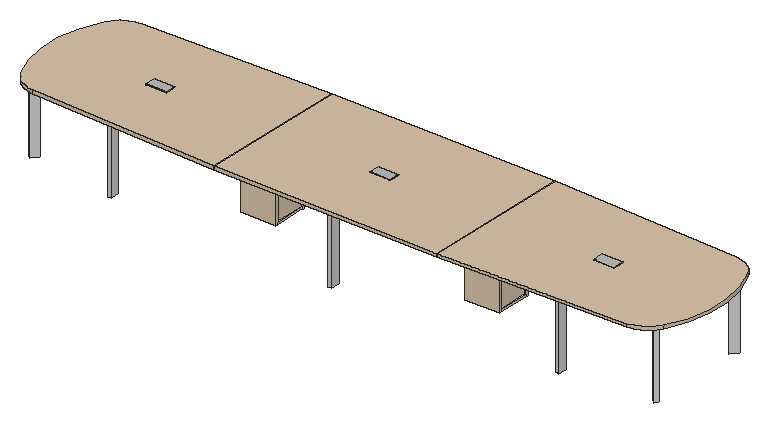
Revit family "Haworth_Planes_ConferenceTable_PebbleThreePiece", category Furniture Systems, Revit 2018 (continued)
Definition of nested family "Haworth_Planes_Worksurface_Pebble_3Piece_PART"
  Definition of nested family "Haworth_Planes_Worksurface_Pebble42_3Pieces_Part"
    Forms (in)
      Extrusion 5, solid, material <- "Table Finish", visible <- "210w"
        sketch origin (17.04495, -246.44286, 0) x (1, 0, 0) y (0, 1, 0)
          loop
            arc (17.79505, 240.60286) -> (46.88117, 241.19615) -> (75.91057, 243.10609) r 642.20942
            arc (75.91057, 243.10609) -> (82.87418, 246.13513) -> (86.62508, 252.73799) r 12
            arc (86.62508, 252.73799) -> (87.47505, 261.44286) -> (86.62508, 270.14774) r 45
            arc (86.62508, 270.14774) -> (82.87418, 276.75059) -> (75.91057, 279.77964) r 12
            arc (75.91057, 279.77964) -> (46.88117, 281.68958) -> (17.79505, 282.28286) r 642.20942
            line (17.79505, 282.28286) -> (17.79505, 240.60286)
        from 27.8125 to 29
      Extrusion 6, solid, material <- "Table Finish", visible <- "216w"
        sketch origin (17.48115, -290.47503, 0) x (1, 0, 0) y (0, 1, 0)
          loop
            line (-53.32115, 284.63503) -> (-53.32115, 326.31503)
            arc (-53.32115, 326.31503) -> (-83.38786, 325.72139) -> (-113.39994, 323.81505) r 688.34315
            arc (-113.39994, 323.81505) -> (-120.38655, 320.79513) -> (-124.15117, 314.17999) r 12
            arc (-124.15117, 314.17999) -> (-125.00115, 305.47503) -> (-124.15117, 296.77008) r 45
            arc (-124.15117, 296.77008) -> (-120.38655, 290.15493) -> (-113.39994, 287.13501) r 12
            arc (-113.39994, 287.13501) -> (-83.38786, 285.22868) -> (-53.32115, 284.63503) r 688.34315
          loop
            arc (18.35885, 284.63503) -> (48.42555, 285.22868) -> (78.43764, 287.13501) r 688.34315
            arc (78.43764, 287.13501) -> (85.42424, 290.15493) -> (89.18886, 296.77008) r 12
            arc (89.18886, 296.77008) -> (90.03885, 305.47503) -> (89.18886, 314.17999) r 45
            arc (89.18886, 314.17999) -> (85.42424, 320.79513) -> (78.43764, 323.81505) r 12
            arc (78.43764, 323.81505) -> (48.42555, 325.72139) -> (18.35885, 326.31503) r 688.34315
            line (18.35885, 326.31503) -> (18.35885, 284.63503)
        from 27.8125 to 29
      Extrusion 7, solid, material <- "Table Finish", visible <- "222w"
        sketch origin (17.48115, -334.07124, 0) x (1, 0, 0) y (0, 1, 0)
          loop
            arc (-127.15118, 357.77612) -> (-128.00115, 349.07124) -> (-127.15118, 340.36635) r 45
            arc (-127.15118, 340.36635) -> (-123.37382, 333.73979) -> (-116.36587, 330.7284) r 12
            arc (-116.36587, 330.7284) -> (-85.36986, 328.82511) -> (-54.32115, 328.23124) r 735.89145
            line (-54.32115, 328.23124) -> (-54.32115, 369.91124)
            arc (-54.32115, 369.91124) -> (-85.36986, 369.31737) -> (-116.36587, 367.41408) r 735.89145
            arc (-116.36587, 367.41408) -> (-123.37382, 364.40269) -> (-127.15118, 357.77612) r 12
          loop
            arc (92.18888, 357.77612) -> (88.41151, 364.40269) -> (81.40356, 367.41408) r 12
            arc (81.40356, 367.41408) -> (50.40756, 369.31737) -> (19.35885, 369.91124) r 735.89145
            line (19.35885, 369.91124) -> (19.35885, 328.23124)
            arc (19.35885, 328.23124) -> (50.40756, 328.82511) -> (81.40356, 330.7284) r 735.89145
            arc (81.40356, 330.7284) -> (88.41151, 333.73979) -> (92.18888, 340.36635) r 12
            arc (92.18888, 340.36635) -> (93.03885, 349.07124) -> (92.18888, 357.77612) r 45
        from 27.8125 to 29
      Extrusion 8, solid, material <- "Table Finish", visible <- "228w"
        sketch origin (17.64649, -377.45182, 0) x (1, 0, 0) y (0, 1, 0)
          loop
            line (-55.48649, 371.61182) -> (-55.48649, 413.29182)
            arc (-55.48649, 413.29182) -> (-87.51835, 412.69759) -> (-119.49929, 410.79712) r 785.16071
            arc (-119.49929, 410.79712) -> (-126.52725, 407.79378) -> (-130.31656, 401.15652) r 12
            arc (-130.31656, 401.15652) -> (-131.16649, 392.45182) -> (-130.31656, 383.74712) r 45
            arc (-130.31656, 383.74712) -> (-126.52725, 377.10985) -> (-119.49929, 374.10652) r 12
            arc (-119.49929, 374.10652) -> (-87.51835, 372.20604) -> (-55.48649, 371.61182) r 785.16071
          loop
            arc (20.19351, 371.61182) -> (52.22536, 372.20604) -> (84.20631, 374.10652) r 785.16071
            arc (84.20631, 374.10652) -> (91.23426, 377.10985) -> (95.02357, 383.74712) r 12
            arc (95.02357, 383.74712) -> (95.87351, 392.45182) -> (95.02357, 401.15652) r 45
            arc (95.02357, 401.15652) -> (91.23426, 407.79378) -> (84.20631, 410.79712) r 12
            arc (84.20631, 410.79712) -> (52.22536, 412.69759) -> (20.19351, 413.29182) r 785.16071
            line (20.19351, 413.29182) -> (20.19351, 371.61182)
        from 27.8125 to 29
      Extrusion 9, solid, material <- "Table Finish", visible <- "234w"
        sketch origin (18.19364, -421.47222, 0) x (1, 0, 0) y (0, 1, 0)
          loop
            line (-57.03364, 415.63222) -> (-57.03364, 457.31222)
            arc (-57.03364, 457.31222) -> (-90.04971, 456.71759) -> (-123.01655, 454.81967) r 836.0676
            arc (-123.01655, 454.81967) -> (-130.06325, 451.82394) -> (-133.86376, 445.17664) r 12
            arc (-133.86376, 445.17664) -> (-134.71364, 436.47222) -> (-133.86376, 427.7678) r 45
            arc (-133.86376, 427.7678) -> (-130.06325, 421.1205) -> (-123.01655, 418.12477) r 12
            arc (-123.01655, 418.12477) -> (-90.04971, 416.22685) -> (-57.03364, 415.63222) r 836.0676
          loop
            arc (20.64636, 415.63222) -> (53.66243, 416.22685) -> (86.62927, 418.12477) r 836.0676
            arc (86.62927, 418.12477) -> (93.67597, 421.1205) -> (97.47648, 427.7678) r 12
            arc (97.47648, 427.7678) -> (98.32636, 436.47222) -> (97.47648, 445.17664) r 45
            arc (97.47648, 445.17664) -> (93.67597, 451.82394) -> (86.62927, 454.81967) r 12
            arc (86.62927, 454.81967) -> (53.66243, 456.71759) -> (20.64636, 457.31222) r 836.0676
            line (20.64636, 457.31222) -> (20.64636, 415.63222)
        from 27.8125 to 29
      Extrusion 10, solid, material <- "Table Finish", visible <- "240w"
        sketch origin (17.20454, -467.44003, 0) x (1, 0, 0) y (0, 1, 0)
          loop
            arc (-135.87473, 491.1441) -> (-136.72454, 482.44003) -> (-135.87473, 473.73596) r 45
            arc (-135.87473, 473.73596) -> (-132.06379, 467.07932) -> (-124.99963, 464.09071) r 12
            arc (-124.99963, 464.09071) -> (-91.04593, 462.19476) -> (-57.04454, 461.60003) r 888.14604
            line (-57.04454, 461.60003) -> (-57.04454, 503.28003)
            arc (-57.04454, 503.28003) -> (-91.04593, 502.6853) -> (-124.99963, 500.78934) r 888.14604
            arc (-124.99963, 500.78934) -> (-132.06379, 497.80074) -> (-135.87473, 491.1441) r 12
          loop
            arc (101.46565, 491.1441) -> (97.65471, 497.80074) -> (90.59055, 500.78934) r 12
            arc (90.59055, 500.78934) -> (56.63685, 502.6853) -> (22.63546, 503.28003) r 888.14604
            line (22.63546, 503.28003) -> (22.63546, 461.60003)
            arc (22.63546, 461.60003) -> (56.63685, 462.19476) -> (90.59055, 464.09071) r 888.14604
            arc (90.59055, 464.09071) -> (97.65471, 467.07932) -> (101.46565, 473.73596) r 12
            arc (101.46565, 473.73596) -> (102.31546, 482.44003) -> (101.46565, 491.1441) r 45
        from 27.8125 to 29
      Extrusion 11, solid, material <- "Table Finish", visible <- "246w"
        sketch origin (17.20454, -512.92819, 0) x (1, 0, 0) y (0, 1, 0)
          loop
            line (-58.04454, 507.08819) -> (-58.04454, 548.76819)
            arc (-58.04454, 548.76819) -> (-93.03198, 548.17295) -> (-127.97321, 546.27916) r 942.35922
            arc (-127.97321, 546.27916) -> (-135.05395, 543.29736) -> (-138.87481, 536.63184) r 12
            arc (-138.87481, 536.63184) -> (-139.72454, 527.92819) -> (-138.87481, 519.22454) r 45
            arc (-138.87481, 519.22454) -> (-135.05395, 512.55902) -> (-127.97321, 509.57722) r 12
            arc (-127.97321, 509.57722) -> (-93.03198, 507.68343) -> (-58.04454, 507.08819) r 942.35922
          loop
            arc (23.63546, 507.08819) -> (58.6229, 507.68343) -> (93.56412, 509.57722) r 942.35922
            arc (93.56412, 509.57722) -> (100.64487, 512.55902) -> (104.46573, 519.22454) r 12
            arc (104.46573, 519.22454) -> (105.31546, 527.92819) -> (104.46573, 536.63184) r 45
            arc (104.46573, 536.63184) -> (100.64487, 543.29736) -> (93.56412, 546.27916) r 12
            arc (93.56412, 546.27916) -> (58.6229, 548.17295) -> (23.63546, 548.76819) r 942.35922
            line (23.63546, 548.76819) -> (23.63546, 507.08819)
        from 27.8125 to 29
      Extrusion 12, solid, material <- "Table Finish", visible <- "252w"
        sketch origin (17.90468, -559.1122, 0) x (1, 0, 0) y (0, 1, 0)
          loop
            line (-59.74468, 553.2722) -> (-59.74468, 594.9522)
            arc (-59.74468, 594.9522) -> (-95.71905, 594.35661) -> (-131.64856, 592.46461) r 997.94026
            arc (-131.64856, 592.46461) -> (-138.74487, 589.48924) -> (-142.57504, 582.81539) r 12
            arc (-142.57504, 582.81539) -> (-143.42468, 574.1122) -> (-142.57504, 565.40901) r 45
            arc (-142.57504, 565.40901) -> (-138.74487, 558.73516) -> (-131.64856, 555.75979) r 12
            arc (-131.64856, 555.75979) -> (-95.71905, 553.86779) -> (-59.74468, 553.2722) r 997.94026
          loop
            arc (23.93532, 553.2722) -> (59.90969, 553.86779) -> (95.8392, 555.75979) r 997.94026
            arc (95.8392, 555.75979) -> (102.93551, 558.73516) -> (106.76568, 565.40901) r 12
            arc (106.76568, 565.40901) -> (107.61532, 574.1122) -> (106.76568, 582.81539) r 45
            arc (106.76568, 582.81539) -> (102.93551, 589.48924) -> (95.8392, 592.46461) r 12
            arc (95.8392, 592.46461) -> (59.90969, 594.35661) -> (23.93532, 594.9522) r 997.94026
            line (23.93532, 594.9522) -> (23.93532, 553.2722)
        from 27.8125 to 29
      Extrusion 13, solid, material <- "Table Finish", visible <- "258w"
        sketch origin (17.20091, -603.31711, 0) x (1, 0, 0) y (0, 1, 0)
          loop
            arc (-144.87137, 627.01979) -> (-145.72091, 618.31711) -> (-144.87137, 609.61443) r 45
            arc (-144.87137, 609.61443) -> (-141.03237, 602.93268) -> (-133.9213, 599.96342) r 12
            arc (-133.9213, 599.96342) -> (-97.00288, 598.0732) -> (-60.04091, 597.47711) r 1055.35838
            line (-60.04091, 597.47711) -> (-60.04091, 639.15711)
            arc (-60.04091, 639.15711) -> (-97.00288, 638.56101) -> (-133.9213, 636.67079) r 1055.35838
            arc (-133.9213, 636.67079) -> (-141.03237, 633.70154) -> (-144.87137, 627.01979) r 12
          loop
            arc (110.46956, 627.01979) -> (106.63056, 633.70154) -> (99.51949, 636.67079) r 12
            arc (99.51949, 636.67079) -> (62.60107, 638.56101) -> (25.63909, 639.15711) r 1055.35838
            line (25.63909, 639.15711) -> (25.63909, 597.47711)
            arc (25.63909, 597.47711) -> (62.60107, 598.0732) -> (99.51949, 599.96342) r 1055.35838
            arc (99.51949, 599.96342) -> (106.63056, 602.93268) -> (110.46956, 609.61443) r 12
            arc (110.46956, 609.61443) -> (111.31909, 618.31711) -> (110.46956, 627.01979) r 45
        from 27.8125 to 29
      Extrusion 14, solid, material <- "Table Finish", visible <- "264w"
        sketch origin (17.90114, -649.50644, 0) x (1, 0, 0) y (0, 1, 0)
          loop
            line (-61.74114, 643.66644) -> (-61.74114, 685.34644)
            arc (-61.74114, 685.34644) -> (-99.69146, 684.75) -> (-137.59944, 682.86123) r 1114.12477
            arc (-137.59944, 682.86123) -> (-144.72439, 679.89777) -> (-148.57171, 673.20858) r 12
            arc (-148.57171, 673.20858) -> (-149.42114, 664.50644) -> (-148.57171, 655.80429) r 45
            arc (-148.57171, 655.80429) -> (-144.72439, 649.1151) -> (-137.59944, 646.15164) r 12
            arc (-137.59944, 646.15164) -> (-99.69146, 644.26288) -> (-61.74114, 643.66644) r 1114.12477
          loop
            arc (25.93886, 643.66644) -> (63.88918, 644.26288) -> (101.79717, 646.15164) r 1114.12477
            arc (101.79717, 646.15164) -> (108.92212, 649.1151) -> (112.76943, 655.80429) r 12
            arc (112.76943, 655.80429) -> (113.61886, 664.50644) -> (112.76943, 673.20858) r 45
            arc (112.76943, 673.20858) -> (108.92212, 679.89777) -> (101.79717, 682.86123) r 12
            arc (101.79717, 682.86123) -> (63.88918, 684.75) -> (25.93886, 685.34644) r 1114.12477
            line (25.93886, 685.34644) -> (25.93886, 643.66644)
        from 27.8125 to 29
      Extrusion 15, solid, material <- "Table Finish", visible <- "270w"
        sketch origin (17.19219, -698.6424, 0) x (1, 0, 0) y (0, 1, 0)
          loop
            arc (-150.86287, 722.34398) -> (-151.71219, 713.6424) -> (-150.86287, 704.94082) r 45
            arc (-150.86287, 704.94082) -> (-147.00765, 698.24455) -> (-139.86948, 695.28662) r 12
            arc (-139.86948, 695.28662) -> (-100.97143, 693.39936) -> (-62.03219, 692.8024) r 1174.79849
            line (-62.03219, 692.8024) -> (-62.03219, 734.4824)
            arc (-62.03219, 734.4824) -> (-100.97143, 733.88544) -> (-139.86948, 731.99818) r 1174.79849
            arc (-139.86948, 731.99818) -> (-147.00765, 729.04025) -> (-150.86287, 722.34398) r 12
          loop
            arc (116.47848, 722.34398) -> (112.62326, 729.04025) -> (105.48509, 731.99818) r 12
            arc (105.48509, 731.99818) -> (66.58704, 733.88544) -> (27.64781, 734.4824) r 1174.79849
            line (27.64781, 734.4824) -> (27.64781, 692.8024)
            arc (27.64781, 692.8024) -> (66.58704, 693.39936) -> (105.48509, 695.28662) r 1174.79849
            arc (105.48509, 695.28662) -> (112.62326, 698.24455) -> (116.47848, 704.94082) r 12
            arc (116.47848, 704.94082) -> (117.32781, 713.6424) -> (116.47848, 722.34398) r 45
        from 27.8125 to 29
      Extrusion 16, solid, material <- "Table Finish", visible <- "186w"
        sketch origin (15.39359, -64.27046, 0) x (1, 0, 0) y (0, 1, 0)
          loop
            line (-46.23359, 100.11046) -> (-46.23359, 58.43046) -> (15.44641, 58.43046) -> (15.44641, 100.11046) -> (-46.23359, 100.11046)
        from 27.8125 to 29
      Extrusion 17, solid, material <- "Table Finish", visible <- "192w"
        sketch origin (15.73634, -111.73058, 0) x (1, 0, 0) y (0, 1, 0)
          loop
            line (-47.57634, 147.57058) -> (-47.57634, 105.89058) -> (16.10366, 105.89058) -> (16.10366, 147.57058) -> (-47.57634, 147.57058)
        from 27.8125 to 29
      Extrusion 18, solid, material <- "Table Finish", visible <- "198w"
        sketch origin (16.60875, -157.5066, 0) x (1, 0, 0) y (0, 1, 0)
          loop
            line (-49.44875, 193.3466) -> (-49.44875, 151.6666) -> (16.23125, 151.6666) -> (16.23125, 193.3466) -> (-49.44875, 193.3466)
        from 27.8125 to 29
      Extrusion 19, solid, material <- "Table Finish", visible <- "204w"
        sketch origin (16.60875, -201.97473, 0) x (1, 0, 0) y (0, 1, 0)
          loop
            line (-50.44875, 237.81473) -> (-50.44875, 196.13473) -> (17.23125, 196.13473) -> (17.23125, 237.81473) -> (-50.44875, 237.81473)
        from 27.8125 to 29
      Extrusion 20, solid, material <- "Table Finish", visible <- "210w"
        sketch origin (17.04495, -246.44286, 0) x (1, 0, 0) y (0, 1, 0)
          loop
            line (-51.88495, 282.28286) -> (-51.88495, 240.60286) -> (17.79505, 240.60286) -> (17.79505, 282.28286) -> (-51.88495, 282.28286)
        from 27.8125 to 29
      Extrusion 21, solid, material <- "Table Finish", visible <- "216w"
        sketch origin (17.48115, -290.47503, 0) x (1, 0, 0) y (0, 1, 0)
          loop
            line (-53.32115, 326.31503) -> (-53.32115, 284.63503) -> (18.35885, 284.63503) -> (18.35885, 326.31503) -> (-53.32115, 326.31503)
        from 27.8125 to 29
      Extrusion 22, solid, material <- "Table Finish", visible <- "222w"
        sketch origin (17.48115, -334.07124, 0) x (1, 0, 0) y (0, 1, 0)
          loop
            line (-54.32115, 328.23124) -> (19.35885, 328.23124) -> (19.35885, 369.91124) -> (-54.32115, 369.91124) -> (-54.32115, 328.23124)
        from 27.8125 to 29
      Extrusion 23, solid, material <- "Table Finish", visible <- "228w"
        sketch origin (17.64649, -377.45182, 0) x (1, 0, 0) y (0, 1, 0)
          loop
            line (-55.48649, 371.61182) -> (20.19351, 371.61182) -> (20.19351, 413.29182) -> (-55.48649, 413.29182) -> (-55.48649, 371.61182)
        from 27.8125 to 29
      Extrusion 24, solid, material <- "Table Finish", visible <- "234w"
        sketch origin (18.19364, -421.47222, 0) x (1, 0, 0) y (0, 1, 0)
          loop
            line (-57.03364, 415.63222) -> (20.64636, 415.63222) -> (20.64636, 457.31222) -> (-57.03364, 457.31222) -> (-57.03364, 415.63222)
        from 27.8125 to 29
      Extrusion 25, solid, material <- "Table Finish", visible <- "246w"
        sketch origin (17.20454, -512.92819, 0) x (1, 0, 0) y (0, 1, 0)
          loop
            line (-58.04454, 507.08819) -> (23.63546, 507.08819) -> (23.63546, 548.76819) -> (-58.04454, 548.76819) -> (-58.04454, 507.08819)
        from 27.8125 to 29
      Extrusion 26, solid, material <- "Table Finish", visible <- "240w"
        sketch origin (17.20454, -467.44003, 0) x (1, 0, 0) y (0, 1, 0)
          loop
            line (-57.04454, 461.60003) -> (22.63546, 461.60003) -> (22.63546, 503.28003) -> (-57.04454, 503.28003) -> (-57.04454, 461.60003)
        from 28.625 to 29
      Extrusion 27, solid, material <- "Table Finish", visible <- "252w"
        sketch origin (17.90468, -559.1122, 0) x (1, 0, 0) y (0, 1, 0)
          loop
            line (-59.74468, 553.2722) -> (23.93532, 553.2722) -> (23.93532, 594.9522) -> (-59.74468, 594.9522) -> (-59.74468, 553.2722)
        from 27.8125 to 29
      Extrusion 28, solid, material <- "Table Finish", visible <- "258w"
        sketch origin (17.20091, -603.31711, 0) x (1, 0, 0) y (0, 1, 0)
          loop
            line (-60.04091, 597.47711) -> (25.63909, 597.47711) -> (25.63909, 639.15711) -> (-60.04091, 639.15711) -> (-60.04091, 597.47711)
        from 27.8125 to 29
      Extrusion 29, solid, material <- "Table Finish", visible <- "264w"
        sketch origin (17.90114, -649.50644, 0) x (1, 0, 0) y (0, 1, 0)
          loop
            line (-61.74114, 643.66644) -> (25.93886, 643.66644) -> (25.93886, 685.34644) -> (-61.74114, 685.34644) -> (-61.74114, 643.66644)
        from 27.8125 to 29
      Extrusion 30, solid, material <- "Table Finish", visible <- "270w"
        sketch origin (17.19219, -698.6424, 0) x (1, 0, 0) y (0, 1, 0)
          loop
            line (-62.03219, 692.8024) -> (27.64781, 692.8024) -> (27.64781, 734.4824) -> (-62.03219, 734.4824) -> (-62.03219, 692.8024)
        from 27.8125 to 29
    Lines and regions (in)
      Masking region 1, visible <- "186w"
        outline origin (0, 0, 0) x (1, 0, 0) y (0, 1, 0)
          loop
            arc (-30.84, 35.84) -> (-56.02055, 35.24743) -> (-81.13405, 33.31777) r 473.87927
            arc (-81.13405, 33.31777) -> (-87.98608, 30.24554) -> (-91.67053, 23.70231) r 12
            arc (-91.67053, 23.70231) -> (-92.52, 15) -> (-91.67053, 6.29769) r 45
            arc (-91.67053, 6.29769) -> (-87.98608, -0.24554) -> (-81.13405, -3.31777) r 12
            arc (-81.13405, -3.31777) -> (-56.02055, -5.24743) -> (-30.84, -5.84) r 473.87927
            line (-30.84, -5.84) -> (30.84, -5.84)
            arc (30.84, -5.84) -> (56.02055, -5.24743) -> (81.13405, -3.31777) r 473.87927
            arc (81.13405, -3.31777) -> (87.98608, -0.24554) -> (91.67053, 6.29769) r 12
            arc (91.67053, 6.29769) -> (92.52, 15) -> (91.67053, 23.70231) r 45
            arc (91.67053, 23.70231) -> (87.98608, 30.24554) -> (81.13405, 33.31777) r 12
            arc (81.13405, 33.31777) -> (56.02055, 35.24743) -> (30.84, 35.84) r 473.87927
            line (30.84, 35.84) -> (-30.84, 35.84)
      Masking region 2, visible <- "192w"
        outline origin (0, -111.73058, 0) x (1, 0, 0) y (0, 1, 0)
          loop
            arc (-84.08373, 108.40692) -> (-57.99392, 106.48333) -> (-31.84, 105.89058) r 513.65076
            line (-31.84, 105.89058) -> (31.84, 105.89058)
            arc (31.84, 105.89058) -> (57.99392, 106.48333) -> (84.08373, 108.40692) r 513.65076
            arc (84.08373, 108.40692) -> (90.96718, 111.46717) -> (94.67032, 118.02718) r 12
            arc (94.67032, 118.02718) -> (95.52, 126.73058) -> (94.67032, 135.43399) r 45
            arc (94.67032, 135.43399) -> (90.96718, 141.99399) -> (84.08373, 145.05424) r 12
            arc (84.08373, 145.05424) -> (57.99392, 146.97783) -> (31.84, 147.57058) r 513.65076
            line (31.84, 147.57058) -> (-31.84, 147.57058)
            arc (-31.84, 147.57058) -> (-57.99392, 146.97783) -> (-84.08373, 145.05424) r 513.65076
            arc (-84.08373, 145.05424) -> (-90.96718, 141.99399) -> (-94.67032, 135.43399) r 12
            arc (-94.67032, 135.43399) -> (-95.52, 126.73058) -> (-94.67032, 118.02718) r 45
            arc (-94.67032, 118.02718) -> (-90.96718, 111.46717) -> (-84.08373, 108.40692) r 12
      Masking region 3, visible <- "198w"
        outline origin (0, -157.5066, 0) x (1, 0, 0) y (0, 1, 0)
          loop
            arc (-97.67017, 163.80245) -> (-93.94987, 157.22704) -> (-87.03761, 154.17791) r 12
            arc (-87.03761, 154.17791) -> (-59.96952, 152.25944) -> (-32.84, 151.6666) r 554.88541
            line (-32.84, 151.6666) -> (32.84, 151.6666)
            arc (32.84, 151.6666) -> (59.96952, 152.25944) -> (87.03761, 154.17791) r 554.88541
            arc (87.03761, 154.17791) -> (93.94987, 157.22704) -> (97.67017, 163.80245) r 12
            arc (97.67017, 163.80245) -> (98.52, 172.5066) -> (97.67017, 181.21075) r 45
            arc (97.67017, 181.21075) -> (93.94987, 187.78616) -> (87.03761, 190.83529) r 12
            arc (87.03761, 190.83529) -> (59.96952, 192.75376) -> (32.84, 193.3466) r 554.88541
            line (32.84, 193.3466) -> (-32.84, 193.3466)
            arc (-32.84, 193.3466) -> (-59.96952, 192.75376) -> (-87.03761, 190.83529) r 554.88541
            arc (-87.03761, 190.83529) -> (-93.94987, 187.78616) -> (-97.67017, 181.21075) r 12
            arc (-97.67017, 181.21075) -> (-98.52, 172.5066) -> (-97.67017, 163.80245) r 45
      Masking region 4, visible <- "204w"
        outline origin (0, -201.97473, 0) x (1, 0, 0) y (0, 1, 0)
          loop
            arc (-100.67008, 225.67936) -> (-101.52, 216.97473) -> (-100.67008, 208.27011) r 45
            arc (-100.67008, 208.27011) -> (-96.93385, 201.68041) -> (-89.99485, 198.64169) r 12
            arc (-89.99485, 198.64169) -> (-61.9469, 196.72793) -> (-33.84, 196.13473) r 597.89526
            line (-33.84, 196.13473) -> (33.84, 196.13473)
            arc (33.84, 196.13473) -> (61.9469, 196.72793) -> (89.99485, 198.64169) r 597.89526
            arc (89.99485, 198.64169) -> (96.93385, 201.68041) -> (100.67008, 208.27011) r 12
            arc (100.67008, 208.27011) -> (101.52, 216.97473) -> (100.67008, 225.67936) r 45
            arc (100.67008, 225.67936) -> (96.93385, 232.26905) -> (89.99485, 235.30777) r 12
            arc (89.99485, 235.30777) -> (61.9469, 237.22154) -> (33.84, 237.81473) r 597.89526
            line (33.84, 237.81473) -> (-33.84, 237.81473)
            arc (-33.84, 237.81473) -> (-61.9469, 237.22154) -> (-89.99485, 235.30777) r 597.89526
            arc (-89.99485, 235.30777) -> (-96.93385, 232.26905) -> (-100.67008, 225.67936) r 12
      Masking region 5, visible <- "210w"
        outline origin (0, -246.44286, 0) x (1, 0, 0) y (0, 1, 0)
          loop
            arc (-103.67003, 270.14774) -> (-104.52, 261.44286) -> (-103.67003, 252.73799) r 45
            arc (-103.67003, 252.73799) -> (-99.91913, 246.13513) -> (-92.95552, 243.10609) r 12
            arc (-92.95552, 243.10609) -> (-63.92612, 241.19615) -> (-34.84, 240.60286) r 642.20942
            line (-34.84, 240.60286) -> (34.84, 240.60286)
            arc (34.84, 240.60286) -> (63.92612, 241.19615) -> (92.95552, 243.10609) r 642.20942
            arc (92.95552, 243.10609) -> (99.91913, 246.13513) -> (103.67003, 252.73799) r 12
            arc (103.67003, 252.73799) -> (104.52, 261.44286) -> (103.67003, 270.14774) r 45
            arc (103.67003, 270.14774) -> (99.91913, 276.75059) -> (92.95552, 279.77964) r 12
            arc (92.95552, 279.77964) -> (63.92612, 281.68958) -> (34.84, 282.28286) r 642.20942
            line (34.84, 282.28286) -> (-34.84, 282.28286)
            arc (-34.84, 282.28286) -> (-63.92612, 281.68958) -> (-92.95552, 279.77964) r 642.20942
            arc (-92.95552, 279.77964) -> (-99.91913, 276.75059) -> (-103.67003, 270.14774) r 12
      Masking region 6, visible <- "216w"
        outline origin (0, -290.47503, 0) x (1, 0, 0) y (0, 1, 0)
          loop
            arc (-106.67001, 296.77008) -> (-102.90539, 290.15493) -> (-95.91879, 287.13501) r 12
            arc (-95.91879, 287.13501) -> (-65.90671, 285.22868) -> (-35.84, 284.63503) r 688.34315
            line (-35.84, 284.63503) -> (35.84, 284.63503)
            arc (35.84, 284.63503) -> (65.90671, 285.22868) -> (95.91879, 287.13501) r 688.34315
            arc (95.91879, 287.13501) -> (102.90539, 290.15493) -> (106.67001, 296.77008) r 12
            arc (106.67001, 296.77008) -> (107.52, 305.47503) -> (106.67001, 314.17999) r 45
            arc (106.67001, 314.17999) -> (102.90539, 320.79513) -> (95.91879, 323.81505) r 12
            arc (95.91879, 323.81505) -> (65.90671, 325.72139) -> (35.84, 326.31503) r 688.34315
            line (35.84, 326.31503) -> (-35.84, 326.31503)
            arc (-35.84, 326.31503) -> (-65.90671, 325.72139) -> (-95.91879, 323.81505) r 688.34315
            arc (-95.91879, 323.81505) -> (-102.90539, 320.79513) -> (-106.67001, 314.17999) r 12
            arc (-106.67001, 314.17999) -> (-107.52, 305.47503) -> (-106.67001, 296.77008) r 45
      Masking region 7, visible <- "222w"
        outline origin (0, -334.07124, 0) x (1, 0, 0) y (0, 1, 0)
          loop
            arc (-109.67003, 357.77612) -> (-110.52, 349.07124) -> (-109.67003, 340.36635) r 45
            arc (-109.67003, 340.36635) -> (-105.89266, 333.73979) -> (-98.88471, 330.7284) r 12
            arc (-98.88471, 330.7284) -> (-67.88871, 328.82511) -> (-36.84, 328.23124) r 735.89145
            line (-36.84, 328.23124) -> (36.84, 328.23124)
            arc (36.84, 328.23124) -> (67.88871, 328.82511) -> (98.88471, 330.7284) r 735.89145
            arc (98.88471, 330.7284) -> (105.89266, 333.73979) -> (109.67003, 340.36635) r 12
            arc (109.67003, 340.36635) -> (110.52, 349.07124) -> (109.67003, 357.77612) r 45
            arc (109.67003, 357.77612) -> (105.89266, 364.40269) -> (98.88471, 367.41408) r 12
            arc (98.88471, 367.41408) -> (67.88871, 369.31737) -> (36.84, 369.91124) r 735.89145
            line (36.84, 369.91124) -> (-36.84, 369.91124)
            arc (-36.84, 369.91124) -> (-67.88871, 369.31737) -> (-98.88471, 367.41408) r 735.89145
            arc (-98.88471, 367.41408) -> (-105.89266, 364.40269) -> (-109.67003, 357.77612) r 12
      Masking region 8, visible <- "228w"
        outline origin (0, -377.45182, 0) x (1, 0, 0) y (0, 1, 0)
          loop
            arc (-112.67006, 401.15652) -> (-113.52, 392.45182) -> (-112.67006, 383.74712) r 45
            arc (-112.67006, 383.74712) -> (-108.88076, 377.10985) -> (-101.8528, 374.10652) r 12
            arc (-101.8528, 374.10652) -> (-69.87185, 372.20604) -> (-37.84, 371.61182) r 785.16071
            line (-37.84, 371.61182) -> (37.84, 371.61182)
            arc (37.84, 371.61182) -> (69.87185, 372.20604) -> (101.8528, 374.10652) r 785.16071
            arc (101.8528, 374.10652) -> (108.88076, 377.10985) -> (112.67006, 383.74712) r 12
            arc (112.67006, 383.74712) -> (113.52, 392.45182) -> (112.67006, 401.15652) r 45
            arc (112.67006, 401.15652) -> (108.88076, 407.79378) -> (101.8528, 410.79712) r 12
            arc (101.8528, 410.79712) -> (69.87185, 412.69759) -> (37.84, 413.29182) r 785.16071
            line (37.84, 413.29182) -> (-37.84, 413.29182)
            arc (-37.84, 413.29182) -> (-69.87185, 412.69759) -> (-101.8528, 410.79712) r 785.16071
            arc (-101.8528, 410.79712) -> (-108.88076, 407.79378) -> (-112.67006, 401.15652) r 12
      Masking region 9, visible <- "234w"
        outline origin (0, -421.47222, 0) x (1, 0, 0) y (0, 1, 0)
          loop
            arc (-115.67012, 445.17664) -> (-116.52, 436.47222) -> (-115.67012, 427.7678) r 45
            arc (-115.67012, 427.7678) -> (-111.86961, 421.1205) -> (-104.82291, 418.12477) r 12
            arc (-104.82291, 418.12477) -> (-71.85607, 416.22685) -> (-38.84, 415.63222) r 836.0676
            line (-38.84, 415.63222) -> (38.84, 415.63222)
            arc (38.84, 415.63222) -> (71.85607, 416.22685) -> (104.82291, 418.12477) r 836.0676
            arc (104.82291, 418.12477) -> (111.86961, 421.1205) -> (115.67012, 427.7678) r 12
            arc (115.67012, 427.7678) -> (116.52, 436.47222) -> (115.67012, 445.17664) r 45
            arc (115.67012, 445.17664) -> (111.86961, 451.82394) -> (104.82291, 454.81967) r 12
            arc (104.82291, 454.81967) -> (71.85607, 456.71759) -> (38.84, 457.31222) r 836.0676
            line (38.84, 457.31222) -> (-38.84, 457.31222)
            arc (-38.84, 457.31222) -> (-71.85607, 456.71759) -> (-104.82291, 454.81967) r 836.0676
            arc (-104.82291, 454.81967) -> (-111.86961, 451.82394) -> (-115.67012, 445.17664) r 12
      Masking region 10, visible <- "240w"
        outline origin (0, -467.44003, 0) x (1, 0, 0) y (0, 1, 0)
          loop
            arc (-118.67019, 491.1441) -> (-119.52, 482.44003) -> (-118.67019, 473.73596) r 45
            arc (-118.67019, 473.73596) -> (-114.85925, 467.07932) -> (-107.79509, 464.09071) r 12
            arc (-107.79509, 464.09071) -> (-73.84139, 462.19476) -> (-39.84, 461.60003) r 888.14604
            line (-39.84, 461.60003) -> (39.84, 461.60003)
            arc (39.84, 461.60003) -> (73.84139, 462.19476) -> (107.79509, 464.09071) r 888.14604
            arc (107.79509, 464.09071) -> (114.85925, 467.07932) -> (118.67019, 473.73596) r 12
            arc (118.67019, 473.73596) -> (119.52, 482.44003) -> (118.67019, 491.1441) r 45
            arc (118.67019, 491.1441) -> (114.85925, 497.80074) -> (107.79509, 500.78934) r 12
            arc (107.79509, 500.78934) -> (73.84139, 502.6853) -> (39.84, 503.28003) r 888.14604
            line (39.84, 503.28003) -> (-39.84, 503.28003)
            arc (-39.84, 503.28003) -> (-73.84139, 502.6853) -> (-107.79509, 500.78934) r 888.14604
            arc (-107.79509, 500.78934) -> (-114.85925, 497.80074) -> (-118.67019, 491.1441) r 12
      Masking region 11, visible <- "246w"
        outline origin (0, -512.92819, 0) x (1, 0, 0) y (0, 1, 0)
          loop
            arc (-121.67027, 536.63184) -> (-122.52, 527.92819) -> (-121.67027, 519.22454) r 45
            arc (-121.67027, 519.22454) -> (-117.84941, 512.55902) -> (-110.76866, 509.57722) r 12
            arc (-110.76866, 509.57722) -> (-75.82744, 507.68343) -> (-40.84, 507.08819) r 942.35922
            line (-40.84, 507.08819) -> (40.84, 507.08819)
            arc (40.84, 507.08819) -> (75.82744, 507.68343) -> (110.76866, 509.57722) r 942.35922
            arc (110.76866, 509.57722) -> (117.84941, 512.55902) -> (121.67027, 519.22454) r 12
            arc (121.67027, 519.22454) -> (122.52, 527.92819) -> (121.67027, 536.63184) r 45
            arc (121.67027, 536.63184) -> (117.84941, 543.29736) -> (110.76866, 546.27916) r 12
            arc (110.76866, 546.27916) -> (75.82744, 548.17295) -> (40.84, 548.76819) r 942.35922
            line (40.84, 548.76819) -> (-40.84, 548.76819)
            arc (-40.84, 548.76819) -> (-75.82744, 548.17295) -> (-110.76866, 546.27916) r 942.35922
            arc (-110.76866, 546.27916) -> (-117.84941, 543.29736) -> (-121.67027, 536.63184) r 12
      Masking region 12, visible <- "252w"
        outline origin (0, -559.1122, 0) x (1, 0, 0) y (0, 1, 0)
          loop
            arc (-124.67036, 582.81539) -> (-125.52, 574.1122) -> (-124.67036, 565.40901) r 45
            arc (-124.67036, 565.40901) -> (-120.84019, 558.73516) -> (-113.74388, 555.75979) r 12
            arc (-113.74388, 555.75979) -> (-77.81437, 553.86779) -> (-41.84, 553.2722) r 997.94026
            line (-41.84, 553.2722) -> (41.84, 553.2722)
            arc (41.84, 553.2722) -> (77.81437, 553.86779) -> (113.74388, 555.75979) r 997.94026
            arc (113.74388, 555.75979) -> (120.84019, 558.73516) -> (124.67036, 565.40901) r 12
            arc (124.67036, 565.40901) -> (125.52, 574.1122) -> (124.67036, 582.81539) r 45
            arc (124.67036, 582.81539) -> (120.84019, 589.48924) -> (113.74388, 592.46461) r 12
            arc (113.74388, 592.46461) -> (77.81437, 594.35661) -> (41.84, 594.9522) r 997.94026
            line (41.84, 594.9522) -> (-41.84, 594.9522)
            arc (-41.84, 594.9522) -> (-77.81437, 594.35661) -> (-113.74388, 592.46461) r 997.94026
            arc (-113.74388, 592.46461) -> (-120.84019, 589.48924) -> (-124.67036, 582.81539) r 12
      Masking region 13, visible <- "258w"
        outline origin (0, -603.31711, 0) x (1, 0, 0) y (0, 1, 0)
          loop
            arc (-127.67046, 627.01979) -> (-128.52, 618.31711) -> (-127.67046, 609.61443) r 45
            arc (-127.67046, 609.61443) -> (-123.83146, 602.93268) -> (-116.7204, 599.96342) r 12
            arc (-116.7204, 599.96342) -> (-79.80198, 598.0732) -> (-42.84, 597.47711) r 1055.35838
            line (-42.84, 597.47711) -> (42.84, 597.47711)
            arc (42.84, 597.47711) -> (79.80198, 598.0732) -> (116.7204, 599.96342) r 1055.35838
            arc (116.7204, 599.96342) -> (123.83146, 602.93268) -> (127.67046, 609.61443) r 12
            arc (127.67046, 609.61443) -> (128.52, 618.31711) -> (127.67046, 627.01979) r 45
            arc (127.67046, 627.01979) -> (123.83146, 633.70154) -> (116.7204, 636.67079) r 12
            arc (116.7204, 636.67079) -> (79.80198, 638.56101) -> (42.84, 639.15711) r 1055.35838
            line (42.84, 639.15711) -> (-42.84, 639.15711)
            arc (-42.84, 639.15711) -> (-79.80198, 638.56101) -> (-116.7204, 636.67079) r 1055.35838
            arc (-116.7204, 636.67079) -> (-123.83146, 633.70154) -> (-127.67046, 627.01979) r 12
      Masking region 14, visible <- "264w"
        outline origin (0, -649.50644, 0) x (1, 0, 0) y (0, 1, 0)
          loop
            arc (-130.67057, 673.20858) -> (-131.52, 664.50644) -> (-130.67057, 655.80429) r 45
            arc (-130.67057, 655.80429) -> (-126.82326, 649.1151) -> (-119.6983, 646.15164) r 12
            arc (-119.6983, 646.15164) -> (-81.79032, 644.26288) -> (-43.84, 643.66644) r 1114.12477
            line (-43.84, 643.66644) -> (43.84, 643.66644)
            arc (43.84, 643.66644) -> (81.79032, 644.26288) -> (119.6983, 646.15164) r 1114.12477
            arc (119.6983, 646.15164) -> (126.82326, 649.1151) -> (130.67057, 655.80429) r 12
            arc (130.67057, 655.80429) -> (131.52, 664.50644) -> (130.67057, 673.20858) r 45
            arc (130.67057, 673.20858) -> (126.82326, 679.89777) -> (119.6983, 682.86123) r 12
            arc (119.6983, 682.86123) -> (81.79032, 684.75) -> (43.84, 685.34644) r 1114.12477
            line (43.84, 685.34644) -> (-43.84, 685.34644)
            arc (-43.84, 685.34644) -> (-81.79032, 684.75) -> (-119.6983, 682.86123) r 1114.12477
            arc (-119.6983, 682.86123) -> (-126.82326, 679.89777) -> (-130.67057, 673.20858) r 12
      Masking region 15, visible <- "270w"
        outline origin (0, -698.6424, 0) x (1, 0, 0) y (0, 1, 0)
          loop
            arc (-44.84, 734.4824) -> (-83.77923, 733.88544) -> (-122.67728, 731.99818) r 1174.79849
            arc (-122.67728, 731.99818) -> (-129.81545, 729.04025) -> (-133.67068, 722.34398) r 12
            arc (-133.67068, 722.34398) -> (-134.52, 713.6424) -> (-133.67068, 704.94082) r 45
            arc (-133.67068, 704.94082) -> (-129.81545, 698.24455) -> (-122.67728, 695.28662) r 12
            arc (-122.67728, 695.28662) -> (-83.77923, 693.39936) -> (-44.84, 692.8024) r 1174.79849
            line (-44.84, 692.8024) -> (44.84, 692.8024)
            arc (44.84, 692.8024) -> (83.77923, 693.39936) -> (122.67728, 695.28662) r 1174.79849
            arc (122.67728, 695.28662) -> (129.81545, 698.24455) -> (133.67068, 704.94082) r 12
            arc (133.67068, 704.94082) -> (134.52, 713.6424) -> (133.67068, 722.34398) r 45
            arc (133.67068, 722.34398) -> (129.81545, 729.04025) -> (122.67728, 731.99818) r 12
            arc (122.67728, 731.99818) -> (83.77923, 733.88544) -> (44.84, 734.4824) r 1174.79849
            line (44.84, 734.4824) -> (-44.84, 734.4824)
      symbolic lines, visible <- "186w", detail levels medium+fine
        curve 1: line (-30.84, 35.84, 0) -> (-30.84, -5.84, 0)
        curve 2: line (30.84, 35.84, 0) -> (30.84, -5.84, 0)
      symbolic lines, visible <- "192w", detail levels medium+fine
        curve 3: line (31.84, -5.84, 0) -> (31.84, 35.84, 0)
        curve 17: line (-31.84, -5.84, 0) -> (-31.84, 35.84, 0)
      symbolic lines, visible <- "198w", detail levels medium+fine
        curve 4: line (32.84, 35.84, 0) -> (32.84, -5.84, 0)
        curve 18: line (-32.84, 35.84, 0) -> (-32.84, -5.84, 0)
      symbolic lines, visible <- "204w", detail levels medium+fine
        curve 5: line (33.84, -5.84, 0) -> (33.84, 35.84, 0)
        curve 19: line (-33.84, -5.84, 0) -> (-33.84, 35.84, 0)
      symbolic lines, visible <- "210w", detail levels medium+fine
        curve 6: line (34.84, 35.84, 0) -> (34.84, -5.84, 0)
        curve 20: line (-34.84, 35.84, 0) -> (-34.84, -5.84, 0)
      symbolic lines, visible <- "216w", detail levels medium+fine
        curve 7: line (35.84, -5.84, 0) -> (35.84, 35.84, 0)
        curve 21: line (-35.84, -5.84, 0) -> (-35.84, 35.84, 0)
      symbolic lines, visible <- "222w", detail levels medium+fine
        curve 8: line (36.84, 35.84, 0) -> (36.84, -5.84, 0)
        curve 22: line (-36.84, 35.84, 0) -> (-36.84, -5.84, 0)
      symbolic lines, visible <- "228w", detail levels medium+fine
        curve 9: line (37.84, -5.84, 0) -> (37.84, 35.84, 0)
        curve 23: line (-37.84, -5.84, 0) -> (-37.84, 35.84, 0)
      symbolic lines, visible <- "234w", detail levels medium+fine
        curve 10: line (38.84, 35.84, 0) -> (38.84, -5.84, 0)
        curve 24: line (-38.84, 35.84, 0) -> (-38.84, -5.84, 0)
      symbolic lines, visible <- "240w", detail levels medium+fine
        curve 11: line (39.84, -5.84, 0) -> (39.84, 35.84, 0)
        curve 25: line (-39.84, -5.84, 0) -> (-39.84, 35.84, 0)
      symbolic lines, visible <- "246w", detail levels medium+fine
        curve 12: line (40.84, 35.84, 0) -> (40.84, -5.84, 0)
        curve 26: line (-40.84, 35.84, 0) -> (-40.84, -5.84, 0)
      symbolic lines, visible <- "252w", detail levels medium+fine
        curve 13: line (41.84, -5.84, 0) -> (41.84, 35.84, 0)
        curve 27: line (-41.84, -5.84, 0) -> (-41.84, 35.84, 0)
      symbolic lines, visible <- "258w", detail levels medium+fine
        curve 14: line (42.84, 35.84, 0) -> (42.84, -5.84, 0)
        curve 28: line (-42.84, 35.84, 0) -> (-42.84, -5.84, 0)
      symbolic lines, visible <- "264w", detail levels medium+fine
        curve 15: line (43.84, -5.84, 0) -> (43.84, 35.84, 0)
        curve 29: line (-43.84, -5.84, 0) -> (-43.84, 35.84, 0)
      symbolic lines, visible <- "270w", detail levels medium+fine
        curve 16: line (44.84, 35.84, 0) -> (44.84, -5.84, 0)
        curve 30: line (-44.84, 35.84, 0) -> (-44.84, -5.84, 0)
    Dimensions and locks (in)
      "Thickness": plane 4 "Table Top" to plane 5 "Table Bottom"
      "Actual Height": plane 4 "Table Top" to level
      "Cutout Dimension": plane 6 "Cutout Top" to plane 7 "Cutout Bottom"
      plane 6 "Cutout Top" to plane 4 "Table Top" = 1"
      locked: plane 4 "Table Top" to plane 8 "KnifeEdge Middle" at 0.375
      aligned and locked: plane 4 "Table Top" to Extrusion 2
      aligned and locked: plane 4 "Table Top" to Extrusion 3
      aligned and locked: plane 4 "Table Top" to Extrusion 10
      aligned and locked: plane 4 "Table Top" to Extrusion 15
      aligned and locked: plane 4 "Table Top" to Extrusion 14
      aligned and locked: plane 4 "Table Top" to Extrusion 13
      aligned and locked: plane 4 "Table Top" to Extrusion 12
      aligned and locked: plane 4 "Table Top" to Extrusion 9
      aligned and locked: plane 4 "Table Top" to Extrusion 11
      aligned and locked: plane 4 "Table Top" to Extrusion 4
      aligned and locked: plane 4 "Table Top" to Extrusion 8
      aligned and locked: plane 4 "Table Top" to Extrusion 7
      aligned and locked: plane 4 "Table Top" to Extrusion 6
      aligned and locked: plane 4 "Table Top" to Extrusion 5
      aligned and locked: plane 4 "Table Top" to Extrusion 1
      aligned and locked: Extrusion 15 to plane 5 "Table Bottom"
      aligned and locked: Extrusion 14 to plane 5 "Table Bottom"
      aligned and locked: Extrusion 13 to plane 5 "Table Bottom"
      aligned and locked: Extrusion 12 to plane 5 "Table Bottom"
      aligned and locked: Extrusion 11 to plane 5 "Table Bottom"
      aligned and locked: Extrusion 10 to plane 5 "Table Bottom"
      aligned and locked: Extrusion 9 to plane 5 "Table Bottom"
      aligned and locked: Extrusion 8 to plane 5 "Table Bottom"
      aligned and locked: Extrusion 7 to plane 5 "Table Bottom"
      aligned and locked: Extrusion 6 to plane 5 "Table Bottom"
      aligned and locked: Extrusion 5 to plane 5 "Table Bottom"
      aligned and locked: Extrusion 4 to plane 5 "Table Bottom"
      aligned and locked: Extrusion 3 to plane 5 "Table Bottom"
      aligned and locked: Extrusion 2 to plane 5 "Table Bottom"
      aligned and locked: Extrusion 1 to plane 5 "Table Bottom"
      aligned and locked: plane 4 "Table Top" to Extrusion 16
      aligned and locked: plane 4 "Table Top" to Extrusion 17
      aligned and locked: plane 4 "Table Top" to Extrusion 18
      aligned and locked: plane 4 "Table Top" to Extrusion 19
      aligned and locked: plane 4 "Table Top" to Extrusion 20
      aligned and locked: plane 4 "Table Top" to Extrusion 21
      aligned and locked: plane 4 "Table Top" to Extrusion 22
      aligned and locked: plane 4 "Table Top" to Extrusion 23
      aligned and locked: plane 4 "Table Top" to Extrusion 24
      aligned and locked: plane 4 "Table Top" to Extrusion 26
      aligned and locked: plane 4 "Table Top" to Extrusion 30
      aligned and locked: plane 4 "Table Top" to Extrusion 29
      aligned and locked: plane 4 "Table Top" to Extrusion 28
      aligned and locked: plane 4 "Table Top" to Extrusion 27
      aligned and locked: plane 4 "Table Top" to Extrusion 25
      aligned and locked: Extrusion 30 to plane 5 "Table Bottom"
      aligned and locked: Extrusion 25 to plane 5 "Table Bottom"
      aligned and locked: Extrusion 29 to plane 5 "Table Bottom"
      aligned and locked: Extrusion 27 to plane 5 "Table Bottom"
      aligned and locked: Extrusion 28 to plane 5 "Table Bottom"
      aligned and locked: Extrusion 18 to plane 5 "Table Bottom"
      aligned and locked: Extrusion 23 to plane 5 "Table Bottom"
      aligned and locked: Extrusion 22 to plane 5 "Table Bottom"
      aligned and locked: plane 8 "KnifeEdge Middle" to Extrusion 26
      aligned and locked: Extrusion 19 to plane 5 "Table Bottom"
      aligned and locked: Extrusion 24 to plane 5 "Table Bottom"
      aligned and locked: Extrusion 20 to plane 5 "Table Bottom"
      aligned and locked: Extrusion 21 to plane 5 "Table Bottom"
      aligned and locked: Extrusion 16 to plane 5 "Table Bottom"
      aligned and locked: Extrusion 17 to plane 5 "Table Bottom"
    Automatic sketch dimensions
      Extrusion 1 sketch curve to plane 3 "Center L/R" = 79.89706"
      Extrusion 1 sketch curve to Extrusion 1 sketch curve = 0"  (x10)
      Extrusion 1 sketch curve to Extrusion 1 sketch curve = 32.37706"  (x2)
      Extrusion 1 sketch curve to plane 3 "Center L/R" = 32.2855"  (x2)
      Extrusion 1 sketch curve to Extrusion 1 sketch curve = 16.68"  (x2)
      plane 3 "Center L/R" to Extrusion 1 sketch curve = 30.84"
      plane 3 "Center L/R" to Extrusion 1 sketch curve = 32.2855"  (x2)
      plane 1 "Center F/B" to Extrusion 1 sketch curve = 453.03706"
      plane 1 "Center F/B" to Extrusion 1 sketch curve = 20.84"  (x2)
      Extrusion 1 sketch curve to Extrusion 1 sketch curve = 14.4583"  (x2)
      Extrusion 1 sketch curve to Extrusion 1 sketch curve = 20.84"  (x4)
      Extrusion 1 sketch curve to Extrusion 1 sketch curve = 12.76339"  (x2)
      Extrusion 1 sketch curve to Extrusion 1 sketch curve = 432.19706"
      Extrusion 2 sketch curve to plane 3 "Center L/R" = 82.8969"
      Extrusion 2 sketch curve to Extrusion 2 sketch curve = 0"  (x11)
      Extrusion 2 sketch curve to Extrusion 2 sketch curve = 32.3769"  (x2)
      Extrusion 2 sketch curve to plane 3 "Center L/R" = 33.28238"  (x2)
      Extrusion 2 sketch curve to Extrusion 2 sketch curve = 18.68"  (x2)
      plane 3 "Center L/R" to Extrusion 2 sketch curve = 31.84"
      plane 3 "Center L/R" to Extrusion 2 sketch curve = 33.28238"  (x2)
      plane 1 "Center F/B" to Extrusion 2 sketch curve = 492.80874"
      plane 1 "Center F/B" to Extrusion 2 sketch curve = 20.84"
      Extrusion 2 sketch curve to Extrusion 2 sketch curve = 14.4575"  (x2)
      Extrusion 2 sketch curve to Extrusion 2 sketch curve = 20.84"  (x4)
      Extrusion 2 sketch curve to Extrusion 2 sketch curve = 12.76499"  (x2)
      Extrusion 2 sketch curve to Extrusion 2 sketch curve = 471 31/32"
      Extrusion 4 sketch curve to plane 3 "Center L/R" = 88.89672"
      Extrusion 4 sketch curve to Extrusion 4 sketch curve = 0"  (x11)
      Extrusion 4 sketch curve to Extrusion 4 sketch curve = 32.37672"  (x2)
      Extrusion 4 sketch curve to plane 3 "Center L/R" = 35.28122"  (x2)
      Extrusion 4 sketch curve to Extrusion 4 sketch curve = 22.68"  (x2)
      plane 3 "Center L/R" to Extrusion 4 sketch curve = 33.84"
      plane 3 "Center L/R" to Extrusion 4 sketch curve = 35.28122"  (x2)
      plane 1 "Center F/B" to Extrusion 4 sketch curve = 577.05353"
      plane 1 "Center F/B" to Extrusion 4 sketch curve = 20.84"
      Extrusion 4 sketch curve to Extrusion 4 sketch curve = 14.45661"  (x2)
      Extrusion 4 sketch curve to Extrusion 4 sketch curve = 20.84"  (x4)
      Extrusion 4 sketch curve to Extrusion 4 sketch curve = 12.76678"  (x2)
      Extrusion 4 sketch curve to Extrusion 4 sketch curve = 556.21353"
      Extrusion 3 sketch curve to plane 3 "Center L/R" = 85.89679"
      Extrusion 3 sketch curve to Extrusion 3 sketch curve = 0"  (x11)
      Extrusion 3 sketch curve to Extrusion 3 sketch curve = 32.37679"  (x2)
      Extrusion 3 sketch curve to plane 3 "Center L/R" = 34.28583"  (x2)
      Extrusion 3 sketch curve to Extrusion 3 sketch curve = 20.68"  (x2)
      plane 3 "Center L/R" to Extrusion 3 sketch curve = 32.84"
      plane 3 "Center L/R" to Extrusion 3 sketch curve = 34.28583"  (x2)
      plane 1 "Center F/B" to Extrusion 3 sketch curve = 534.04352"
      plane 1 "Center F/B" to Extrusion 3 sketch curve = 20.84"
      Extrusion 3 sketch curve to Extrusion 3 sketch curve = 14.45696"  (x2)
      Extrusion 3 sketch curve to Extrusion 3 sketch curve = 20.84"  (x4)
      Extrusion 3 sketch curve to Extrusion 3 sketch curve = 12.76609"  (x2)
      Extrusion 3 sketch curve to Extrusion 3 sketch curve = 513.20352"
      Extrusion 5 sketch curve to plane 3 "Center L/R" = 91.89669"
      Extrusion 5 sketch curve to Extrusion 5 sketch curve = 0"  (x11)
      Extrusion 5 sketch curve to Extrusion 5 sketch curve = 32.37669"  (x2)
      Extrusion 5 sketch curve to plane 3 "Center L/R" = 36.28966"  (x2)
      Extrusion 5 sketch curve to Extrusion 5 sketch curve = 24.68"  (x2)
      plane 3 "Center L/R" to Extrusion 5 sketch curve = 34.84"
      plane 3 "Center L/R" to Extrusion 5 sketch curve = 36.28966"  (x2)
      plane 1 "Center F/B" to Extrusion 5 sketch curve = 621.36778"
      plane 1 "Center F/B" to Extrusion 5 sketch curve = 20.84"
      Extrusion 5 sketch curve to Extrusion 5 sketch curve = 14.45642"  (x2)
      Extrusion 5 sketch curve to Extrusion 5 sketch curve = 20.84"  (x4)
      Extrusion 5 sketch curve to Extrusion 5 sketch curve = 12.76715"  (x2)
      Extrusion 5 sketch curve to Extrusion 5 sketch curve = 600.52778"
      Extrusion 6 sketch curve to plane 3 "Center L/R" = 94.89668"
      Extrusion 6 sketch curve to Extrusion 6 sketch curve = 0"  (x11)
      Extrusion 6 sketch curve to Extrusion 6 sketch curve = 32.37668"  (x2)
      Extrusion 6 sketch curve to plane 3 "Center L/R" = 37.2884"  (x2)
      Extrusion 6 sketch curve to Extrusion 6 sketch curve = 26.68"  (x2)
      plane 3 "Center L/R" to Extrusion 6 sketch curve = 35.84"
      plane 3 "Center L/R" to Extrusion 6 sketch curve = 37.2884"  (x2)
      plane 1 "Center F/B" to Extrusion 6 sketch curve = 667.50163"
      plane 1 "Center F/B" to Extrusion 6 sketch curve = 20.84"
      Extrusion 6 sketch curve to Extrusion 6 sketch curve = 14.45637"  (x2)
      Extrusion 6 sketch curve to Extrusion 6 sketch curve = 6.38363"  (x2)
      Extrusion 6 sketch curve to Extrusion 6 sketch curve = 12.76727"  (x2)
      Extrusion 6 sketch curve to Extrusion 6 sketch curve = 20.84"  (x2)
      Extrusion 6 sketch curve to Extrusion 6 sketch curve = 646.66163"
      Extrusion 7 sketch curve to plane 3 "Center L/R" = 97.89669"
      Extrusion 7 sketch curve to Extrusion 7 sketch curve = 0"  (x11)
      Extrusion 7 sketch curve to Extrusion 7 sketch curve = 32.37669"  (x2)
      Extrusion 7 sketch curve to plane 3 "Center L/R" = 38.29469"  (x2)
      Extrusion 7 sketch curve to Extrusion 7 sketch curve = 28.68"  (x2)
      plane 3 "Center L/R" to Extrusion 7 sketch curve = 36.84"
      plane 3 "Center L/R" to Extrusion 7 sketch curve = 38.29469"  (x2)
      plane 1 "Center F/B" to Extrusion 7 sketch curve = 715.05001"
      plane 1 "Center F/B" to Extrusion 7 sketch curve = 20.84"
      Extrusion 7 sketch curve to Extrusion 7 sketch curve = 14.45642"  (x2)
      Extrusion 7 sketch curve to Extrusion 7 sketch curve = 6.38358"  (x2)
      Extrusion 7 sketch curve to Extrusion 7 sketch curve = 12.76717"  (x2)
      Extrusion 7 sketch curve to Extrusion 7 sketch curve = 20.84"  (x2)
      Extrusion 7 sketch curve to Extrusion 7 sketch curve = 694.21001"
      Extrusion 8 sketch curve to plane 3 "Center L/R" = 100.89671"
      Extrusion 8 sketch curve to Extrusion 8 sketch curve = 0"  (x11)
      Extrusion 8 sketch curve to Extrusion 8 sketch curve = 32.37671"  (x2)
      Extrusion 8 sketch curve to plane 3 "Center L/R" = 39.29586"  (x2)
      Extrusion 8 sketch curve to Extrusion 8 sketch curve = 30.68"  (x2)
      plane 3 "Center L/R" to Extrusion 8 sketch curve = 37.84"
      plane 3 "Center L/R" to Extrusion 8 sketch curve = 39.29586"  (x2)
      plane 1 "Center F/B" to Extrusion 8 sketch curve = 764.31936"
      plane 1 "Center F/B" to Extrusion 8 sketch curve = 20.84"
      Extrusion 8 sketch curve to Extrusion 8 sketch curve = 14.45655"  (x2)
      Extrusion 8 sketch curve to Extrusion 8 sketch curve = 6.38345"  (x2)
      Extrusion 8 sketch curve to Extrusion 8 sketch curve = 12.7669"  (x2)
      Extrusion 8 sketch curve to Extrusion 8 sketch curve = 20.84"  (x2)
      Extrusion 8 sketch curve to Extrusion 8 sketch curve = 743.47936"
      Extrusion 9 sketch curve to plane 3 "Center L/R" = 103.89675"
      Extrusion 9 sketch curve to Extrusion 9 sketch curve = 0"  (x11)
      Extrusion 9 sketch curve to Extrusion 9 sketch curve = 32.37675"  (x2)
      Extrusion 9 sketch curve to plane 3 "Center L/R" = 40.29554"  (x2)
      Extrusion 9 sketch curve to Extrusion 9 sketch curve = 32.68"  (x2)
      plane 3 "Center L/R" to Extrusion 9 sketch curve = 38.84"
      plane 3 "Center L/R" to Extrusion 9 sketch curve = 40.29554"  (x2)
      plane 1 "Center F/B" to Extrusion 9 sketch curve = 815.22633"
      plane 1 "Center F/B" to Extrusion 9 sketch curve = 20.84"
      Extrusion 9 sketch curve to Extrusion 9 sketch curve = 14.45676"  (x2)
      Extrusion 9 sketch curve to Extrusion 9 sketch curve = 6.38324"  (x2)
      Extrusion 9 sketch curve to Extrusion 9 sketch curve = 12.76649"  (x2)
      Extrusion 9 sketch curve to Extrusion 9 sketch curve = 20.84"  (x2)
      Extrusion 9 sketch curve to Extrusion 9 sketch curve = 794.38633"
      Extrusion 10 sketch curve to plane 3 "Center L/R" = 106.89681"
      Extrusion 10 sketch curve to Extrusion 10 sketch curve = 0"  (x11)
      Extrusion 10 sketch curve to Extrusion 10 sketch curve = 32.37681"  (x2)
      Extrusion 10 sketch curve to plane 3 "Center L/R" = 41.31098"  (x2)
      Extrusion 10 sketch curve to Extrusion 10 sketch curve = 34.68"  (x2)
      plane 3 "Center L/R" to Extrusion 10 sketch curve = 39.84"
      plane 3 "Center L/R" to Extrusion 10 sketch curve = 41.31098"  (x2)
      plane 1 "Center F/B" to Extrusion 10 sketch curve = 867.30482"
      plane 1 "Center F/B" to Extrusion 10 sketch curve = 20.84"
      Extrusion 10 sketch curve to Extrusion 10 sketch curve = 14 117/256"  (x2)
      Extrusion 10 sketch curve to Extrusion 10 sketch curve = 6.38298"  (x2)
      Extrusion 10 sketch curve to Extrusion 10 sketch curve = 12.76597"  (x2)
      Extrusion 10 sketch curve to Extrusion 10 sketch curve = 20.84"  (x2)
      Extrusion 10 sketch curve to Extrusion 10 sketch curve = 846.46482"
      Extrusion 11 sketch curve to plane 3 "Center L/R" = 109.89687"
      Extrusion 11 sketch curve to Extrusion 11 sketch curve = 0"  (x11)
      Extrusion 11 sketch curve to Extrusion 11 sketch curve = 32.37687"  (x2)
      Extrusion 11 sketch curve to plane 3 "Center L/R" = 42.30646"  (x2)
      Extrusion 11 sketch curve to Extrusion 11 sketch curve = 36.68"  (x2)
      plane 3 "Center L/R" to Extrusion 11 sketch curve = 40.84"
      plane 3 "Center L/R" to Extrusion 11 sketch curve = 42.30646"  (x2)
      plane 1 "Center F/B" to Extrusion 11 sketch curve = 921.51808"
      plane 1 "Center F/B" to Extrusion 11 sketch curve = 20.84"
      Extrusion 11 sketch curve to Extrusion 11 sketch curve = 14.45732"  (x2)
      Extrusion 11 sketch curve to Extrusion 11 sketch curve = 6.38268"  (x2)
      Extrusion 11 sketch curve to Extrusion 11 sketch curve = 12.76536"  (x2)
      Extrusion 11 sketch curve to Extrusion 11 sketch curve = 41.68"  (x2)
      Extrusion 11 sketch curve to Extrusion 11 sketch curve = 900.67808"
      Extrusion 13 sketch curve to plane 3 "Center L/R" = 115.89701"
      Extrusion 13 sketch curve to Extrusion 13 sketch curve = 0"  (x11)
      Extrusion 13 sketch curve to Extrusion 13 sketch curve = 32.37701"  (x2)
      Extrusion 13 sketch curve to plane 3 "Center L/R" = 44.30581"  (x2)
      Extrusion 13 sketch curve to Extrusion 13 sketch curve = 40.68"  (x2)
      plane 3 "Center L/R" to Extrusion 13 sketch curve = 42.84"
      plane 3 "Center L/R" to Extrusion 13 sketch curve = 44.30581"  (x2)
      plane 1 "Center F/B" to Extrusion 13 sketch curve = 1034.51736"
      plane 1 "Center F/B" to Extrusion 13 sketch curve = 20.84"
      Extrusion 13 sketch curve to Extrusion 13 sketch curve = 14.45803"  (x2)
      Extrusion 13 sketch curve to Extrusion 13 sketch curve = 6.38197"  (x2)
      Extrusion 13 sketch curve to Extrusion 13 sketch curve = 12.76393"  (x2)
      Extrusion 13 sketch curve to Extrusion 13 sketch curve = 41.68"  (x2)
      Extrusion 13 sketch curve to Extrusion 13 sketch curve = 1013.67736"
      Extrusion 12 sketch curve to plane 3 "Center L/R" = 112.89693"
      Extrusion 12 sketch curve to Extrusion 12 sketch curve = 0"  (x11)
      Extrusion 12 sketch curve to Extrusion 12 sketch curve = 32.37693"  (x2)
      Extrusion 12 sketch curve to plane 3 "Center L/R" = 43.31024"  (x2)
      Extrusion 12 sketch curve to Extrusion 12 sketch curve = 38.68"  (x2)
      plane 3 "Center L/R" to Extrusion 12 sketch curve = 41.84"
      plane 3 "Center L/R" to Extrusion 12 sketch curve = 43.31024"  (x2)
      plane 1 "Center F/B" to Extrusion 12 sketch curve = 977.09918"
      plane 1 "Center F/B" to Extrusion 12 sketch curve = 20.84"
      Extrusion 12 sketch curve to Extrusion 12 sketch curve = 14.45766"  (x2)
      Extrusion 12 sketch curve to Extrusion 12 sketch curve = 6.38234"  (x2)
      Extrusion 12 sketch curve to Extrusion 12 sketch curve = 12.76467"  (x2)
      Extrusion 12 sketch curve to Extrusion 12 sketch curve = 41.68"  (x2)
      Extrusion 12 sketch curve to Extrusion 12 sketch curve = 956.25918"
      Extrusion 14 sketch curve to plane 3 "Center L/R" = 118.89708"
      Extrusion 14 sketch curve to Extrusion 14 sketch curve = 0"  (x11)
      Extrusion 14 sketch curve to Extrusion 14 sketch curve = 32.37708"  (x2)
      Extrusion 14 sketch curve to plane 3 "Center L/R" = 45.30989"  (x2)
      Extrusion 14 sketch curve to Extrusion 14 sketch curve = 42.68"  (x2)
      plane 3 "Center L/R" to Extrusion 14 sketch curve = 43.84"
      plane 3 "Center L/R" to Extrusion 14 sketch curve = 45.30989"  (x2)
      plane 1 "Center F/B" to Extrusion 14 sketch curve = 1093.28381"
      plane 1 "Center F/B" to Extrusion 14 sketch curve = 20.84"
      Extrusion 14 sketch curve to Extrusion 14 sketch curve = 14.45843"  (x2)
      Extrusion 14 sketch curve to Extrusion 14 sketch curve = 6.38157"  (x2)
      Extrusion 14 sketch curve to Extrusion 14 sketch curve = 12.76315"  (x2)
      Extrusion 14 sketch curve to Extrusion 14 sketch curve = 41.68"  (x2)
      Extrusion 14 sketch curve to Extrusion 14 sketch curve = 1072.44381"
      Extrusion 15 sketch curve to plane 3 "Center L/R" = 121.89716"
      Extrusion 15 sketch curve to Extrusion 15 sketch curve = 0"  (x11)
      Extrusion 15 sketch curve to Extrusion 15 sketch curve = 32.37716"  (x2)
      Extrusion 15 sketch curve to plane 3 "Center L/R" = 46.30392"  (x2)
      Extrusion 15 sketch curve to Extrusion 15 sketch curve = 44.68"  (x2)
      plane 3 "Center L/R" to Extrusion 15 sketch curve = 44.84"
      plane 3 "Center L/R" to Extrusion 15 sketch curve = 46.30392"  (x2)
      plane 1 "Center F/B" to Extrusion 15 sketch curve = 1153.95757"
      plane 1 "Center F/B" to Extrusion 15 sketch curve = 20.84"
      Extrusion 15 sketch curve to Extrusion 15 sketch curve = 14.45884"  (x2)
      Extrusion 15 sketch curve to Extrusion 15 sketch curve = 6.38116"  (x2)
      Extrusion 15 sketch curve to Extrusion 15 sketch curve = 12.76232"  (x2)
      Extrusion 15 sketch curve to Extrusion 15 sketch curve = 41.68"  (x2)
      Extrusion 15 sketch curve to Extrusion 15 sketch curve = 1133.11757"
      Extrusion 16 sketch curve to plane 3 "Center L/R" = 30.84"
      plane 3 "Center L/R" to Extrusion 16 sketch curve = 30.84"
      plane 1 "Center F/B" to Extrusion 16 sketch curve = 20.84"
      Extrusion 16 sketch curve to Extrusion 16 sketch curve = 41.68"
      Extrusion 17 sketch curve to plane 3 "Center L/R" = 31.84"
      plane 3 "Center L/R" to Extrusion 17 sketch curve = 31.84"
      plane 1 "Center F/B" to Extrusion 17 sketch curve = 20.84"
      Extrusion 17 sketch curve to Extrusion 17 sketch curve = 41.68"
      Extrusion 18 sketch curve to plane 3 "Center L/R" = 32.84"
      plane 3 "Center L/R" to Extrusion 18 sketch curve = 32.84"
      plane 1 "Center F/B" to Extrusion 18 sketch curve = 20.84"
      Extrusion 18 sketch curve to Extrusion 18 sketch curve = 41.68"
      Extrusion 19 sketch curve to plane 3 "Center L/R" = 33.84"
      plane 3 "Center L/R" to Extrusion 19 sketch curve = 33.84"
      plane 1 "Center F/B" to Extrusion 19 sketch curve = 20.84"
      Extrusion 19 sketch curve to Extrusion 19 sketch curve = 41.68"
      Extrusion 20 sketch curve to plane 3 "Center L/R" = 34.84"
      plane 3 "Center L/R" to Extrusion 20 sketch curve = 34.84"
      plane 1 "Center F/B" to Extrusion 20 sketch curve = 20.84"
      Extrusion 20 sketch curve to Extrusion 20 sketch curve = 41.68"
      Extrusion 21 sketch curve to plane 3 "Center L/R" = 35.84"
      plane 3 "Center L/R" to Extrusion 21 sketch curve = 35.84"
      plane 1 "Center F/B" to Extrusion 21 sketch curve = 20.84"
      Extrusion 21 sketch curve to Extrusion 21 sketch curve = 41.68"
